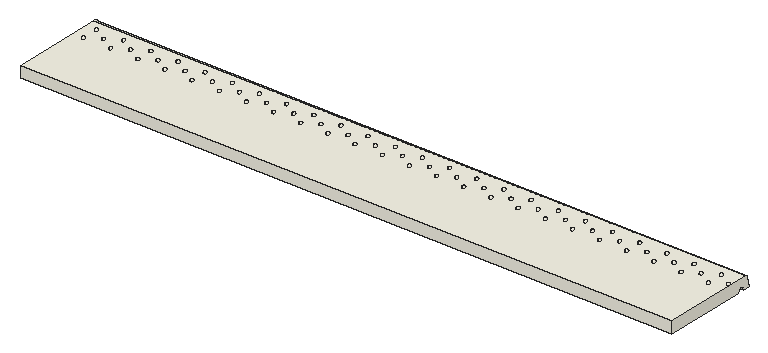
Revit family "Umbral UM. C-1", category Modelos genéricos, Revit 2020
Family settings
  Puede alojar armadura = No
  Cota de conector redondo = Diámetro de uso
  Tipo de pieza = Normal
  Se basa en plano de trabajo = No
  Siempre vertical = No
  Corte con vacíos al cargar = No
  Compartido = No
  Punto de cálculo de habitación = No
Parameters (values of type "UM15")
  Dist. entre bulones = 50 mm  # constant formula
  Nº filas bulones [instance] = Longitud real / Dist. entre bulones  # 24
  Medio ancho = Ancho total / 2  # 87.5 mm
  Descripción = "Pieza de hormigón polímero con anclaje de acero inoxidable."
  Ancho doble = Ancho / 4  # 37.5 mm
  Visible una linea = if(Ancho > 290 mm, 2 = 3, 2 = 2)  # yes
  Visible dos líneas = if(Ancho > 290 mm, 2 = 2, 2 = 3)  # no
  URL = "https://www.ulmaarchitectural.com/es-es"
  Nº filas anclajes [instance] = if(Longitud > 2600 mm, 6, if(Longitud < 660 mm, 2, Longitud / Dist. entre anclajes))  # 3
  Modelo = "Umbral UM15"
  Material = Hormigón polímero STONEO. Color C-1
  Longitud real [instance] = if(Longitud > 2600 mm, 2600 mm, if(Longitud < 500 mm, 500 mm, Longitud))  # 1200 mm
  Longitud [instance] = 1200 mm
  Fabricante = "ULMA Architectural Solutions"
  Elevación por defecto = 0 mm
  Dist. entre anclajes [instance] = if(Longitud < 650 mm, 340 mm, 440 mm)  # 440 mm
  Dist primer anclaje [instance] = if(Longitud < 700 mm, 80 mm, 150 mm)  # 150 mm
  Código de montaje = "UM15"
  Ancho total = Ancho + 25 mm  # 175 mm
  Ancho = 150 mm
Types (5, lengths in mm): name | Medio ancho | Ancho doble | Visible una linea | Visible dos líneas | Modelo | Código de montaje | Ancho total | Ancho
  (no name) | 87.5 | 37.5 | yes | no | "Umbral UM15" | "UM15" | 175 | 150
  UM15 | 87.5 | 37.5 | yes | no | "Umbral UM15" | "UM15" | 175 | 150
  UM20 | 112.5 | 50 | yes | no | "Umbral UM20" | "UM20" | 225 | 200
  UM25 | 137.5 | 62.5 | yes | no | "Umbral UM25" | "UM25" | 275 | 250
  UM30 | 162.5 | 75 | no | yes | "Umbral UM30" | "UM30" | 325 | 300
Reference planes
  plane 1 "Centro (Frontal/Posterior)": y = 0
  plane 2: z = 0
  plane 3 "Centro (Izquierda/Derecha)": x = 0
  plane 4: y = -37.5
  plane 5: y = 37.5
  plane 6: x = 20
  plane 7: x = 45
  plane 8: y = 32.5
  plane 9: y = 47.5
  plane 10: y = 62.5
  plane 11: y = 87.5
Forms (mm)
  Extrusion 1, solid, material "Hormigón polímero STONEO. Color C-1" <- "Material"
    sketch origin (0, 0, 0) x (0, 1, 0) y (0, 0, 1)
      loop
        line (-87.5, 0) -> (62.5, 0) -> (67.695, 6.234)
        arc (67.695, 6.234) -> (70, 7.314) -> (72.305, 6.234) r 3
        line (72.305, 6.234) -> (77.5, 0) -> (87.5, 0) -> (84.265, 18.347)
        arc (84.265, 18.347) -> (83.581, 19.532) -> (82.295, 20) r 2
        line (82.295, 20) -> (-87.5, 20) -> (-87.5, 0)
    from 0 to 1200
Dimensions and locks
  equal spacing: Extrusion 1 sketch curve, plane 1 "Centro (Frontal/Posterior)", Extrusion 1 sketch curve
  "Ancho total": Extrusion 1 sketch curve to Extrusion 1 sketch curve
  Extrusion 1 sketch curve to Extrusion 1 sketch curve = 10 mm
  Extrusion 1 sketch curve to Extrusion 1 sketch curve = 15 mm
  "Longitud real": Extrusion 1 to Extrusion 1
  Extrusion 1 sketch curve to Extrusion 1 sketch curve = 7.314 mm
  "Dist primer anclaje": Extrusion 1 to nested 1
  equal spacing: group 1, group 2, group 7  (x3)
  "Dist. entre anclajes": nested 1 to nested 2
  "Dist primer anclaje": plane 3 "Centro (Izquierda/Derecha)" to nested 3
  "Dist primer anclaje": plane 3 "Centro (Izquierda/Derecha)" to nested 4
  "Ancho doble": plane 1 "Centro (Frontal/Posterior)" to plane 4
  "Ancho doble": plane 1 "Centro (Frontal/Posterior)" to plane 5
  equal spacing: group 3, group 4, group 8  (x3)
  "Dist. entre anclajes": nested 4 to nested 5
  equal spacing: group 5, group 6, group 9  (x3)
  "Dist. entre anclajes": nested 3 to nested 6
  Extrusion 1 sketch curve to level = 20 mm
  plane 3 "Centro (Izquierda/Derecha)" to plane 7 = 45 mm
  plane 3 "Centro (Izquierda/Derecha)" to plane 6 = 20 mm
  "Medio ancho": plane 1 "Centro (Frontal/Posterior)" to plane 11
  plane 8 to plane 9 to plane 10 to plane 11 = 15 mm, 15 mm, 25 mm
  equal spacing: group 10, group 11, group 12, group 13, group 14, group 15, group 16, group 17, group 18, group 19, group 20, group 21, group 22, group 23, group 24, group 25, group 26, group 27, group 28, group 29, group 30, group 31, group 32, group 33  (x3)
  "Dist. entre bulones": plane 6 to nested 14
  radius of Extrusion 1 sketch curve = 2 mm
  angle Extrusion 1 sketch curve to Extrusion 1 sketch curve = 80.00°
  aligned and locked: level to plane 2
  aligned and locked: plane 1 "Centro (Frontal/Posterior)" to nested 1
  aligned and locked: level to nested 2
  aligned and locked: level to nested 1
  aligned and locked: nested 4 to plane 4
  aligned and locked: nested 3 to plane 5
  aligned and locked: nested 5 to plane 4
  aligned and locked: nested 6 to plane 5
  aligned and locked: nested 10 to plane 8
  aligned and locked: plane 6 to nested 10
  aligned and locked: nested 11 to plane 10
  aligned and locked: plane 6 to nested 11
  aligned and locked: nested 12 to plane 9
  aligned and locked: plane 7 to nested 12
  aligned and locked: nested 14 to plane 10
  aligned and locked: nested 15 to plane 9
  aligned and locked: nested 13 to plane 8
Automatic sketch dimensions
  Extrusion 1 sketch curve to level = 0 mm  (x2)
  plane 10 to Extrusion 1 sketch curve = 5.195 mm
  Extrusion 1 sketch curve to Extrusion 1 sketch curve = 2.305 mm  (x2)
  level to Extrusion 1 sketch curve = 6.234 mm
  Extrusion 1 sketch curve to Extrusion 1 sketch curve = 0.347 mm
Nested families
  nested 1: "Anclaje imposta" at (150, 0, -2) x (0, -1, 0) z (0, 0, 1), visible <- "Visible una linea", type "Anclaje imposta", detail levels medium+fine
  nested 2: "Anclaje imposta" at (590, 0, -2) x (0, -1, 0) z (0, 0, 1), visible <- "Visible una linea", type "Anclaje imposta", detail levels medium+fine
  nested 3: "Anclaje imposta" at (150, 37.5, -2) x (0, -1, 0) z (0, 0, 1), visible <- "Visible dos líneas", type "Anclaje imposta"
  nested 4: "Anclaje imposta" at (150, -37.5, -2) x (0, -1, 0) z (0, 0, 1), visible <- "Visible dos líneas", type "Anclaje imposta"
  nested 5: "Anclaje imposta" at (590, -37.5, -2) x (0, -1, 0) z (0, 0, 1), visible <- "Visible dos líneas", type "Anclaje imposta"
  nested 6: "Anclaje imposta" at (590, 37.5, -2) x (0, -1, 0) z (0, 0, 1), visible <- "Visible dos líneas", type "Anclaje imposta"
  nested 7: "Anclaje imposta" at (1030, 0, -2) x (0, -1, 0) z (0, 0, 1), visible <- "Visible una linea", type "Anclaje imposta", detail levels medium+fine
  nested 8: "Anclaje imposta" at (1030, -37.5, -2) x (0, -1, 0) z (0, 0, 1), visible <- "Visible dos líneas", type "Anclaje imposta"
  nested 9: "Anclaje imposta" at (1030, 37.5, -2) x (0, -1, 0) z (0, 0, 1), visible <- "Visible dos líneas", type "Anclaje imposta"
  nested 10: "Taco antideslizante" at (20, 32.5, 20), type "Taco antideslizante", detail levels fine
  nested 11: "Taco antideslizante" at (20, 62.5, 20), type "Taco antideslizante", detail levels fine
  nested 12: "Taco antideslizante" at (45, 47.5, 20), type "Taco antideslizante", detail levels fine
  nested 13: "Taco antideslizante" at (70, 32.5, 20), type "Taco antideslizante", detail levels fine
  nested 14: "Taco antideslizante" at (70, 62.5, 20), type "Taco antideslizante", detail levels fine
  nested 15: "Taco antideslizante" at (95, 47.5, 20), type "Taco antideslizante", detail levels fine
  nested 16: "Taco antideslizante" at (120, 32.5, 20), type "Taco antideslizante", detail levels fine
  nested 17: "Taco antideslizante" at (120, 62.5, 20), type "Taco antideslizante", detail levels fine
  nested 18: "Taco antideslizante" at (145, 47.5, 20), type "Taco antideslizante", detail levels fine
  nested 19: "Taco antideslizante" at (170, 32.5, 20), type "Taco antideslizante", detail levels fine
  nested 20: "Taco antideslizante" at (170, 62.5, 20), type "Taco antideslizante", detail levels fine
  nested 21: "Taco antideslizante" at (195, 47.5, 20), type "Taco antideslizante", detail levels fine
  nested 22: "Taco antideslizante" at (220, 32.5, 20), type "Taco antideslizante", detail levels fine
  nested 23: "Taco antideslizante" at (220, 62.5, 20), type "Taco antideslizante", detail levels fine
  nested 24: "Taco antideslizante" at (245, 47.5, 20), type "Taco antideslizante", detail levels fine
  nested 25: "Taco antideslizante" at (270, 32.5, 20), type "Taco antideslizante", detail levels fine
  nested 26: "Taco antideslizante" at (270, 62.5, 20), type "Taco antideslizante", detail levels fine
  nested 27: "Taco antideslizante" at (295, 47.5, 20), type "Taco antideslizante", detail levels fine
  nested 28: "Taco antideslizante" at (320, 32.5, 20), type "Taco antideslizante", detail levels fine
  nested 29: "Taco antideslizante" at (320, 62.5, 20), type "Taco antideslizante", detail levels fine
  nested 30: "Taco antideslizante" at (345, 47.5, 20), type "Taco antideslizante", detail levels fine
  nested 31: "Taco antideslizante" at (370, 32.5, 20), type "Taco antideslizante", detail levels fine
  nested 32: "Taco antideslizante" at (370, 62.5, 20), type "Taco antideslizante", detail levels fine
  nested 33: "Taco antideslizante" at (395, 47.5, 20), type "Taco antideslizante", detail levels fine
  nested 34: "Taco antideslizante" at (420, 32.5, 20), type "Taco antideslizante", detail levels fine
  nested 35: "Taco antideslizante" at (420, 62.5, 20), type "Taco antideslizante", detail levels fine
  nested 36: "Taco antideslizante" at (445, 47.5, 20), type "Taco antideslizante", detail levels fine
  nested 37: "Taco antideslizante" at (470, 32.5, 20), type "Taco antideslizante", detail levels fine
  nested 38: "Taco antideslizante" at (470, 62.5, 20), type "Taco antideslizante", detail levels fine
  nested 39: "Taco antideslizante" at (495, 47.5, 20), type "Taco antideslizante", detail levels fine
  nested 40: "Taco antideslizante" at (520, 32.5, 20), type "Taco antideslizante", detail levels fine
  nested 41: "Taco antideslizante" at (520, 62.5, 20), type "Taco antideslizante", detail levels fine
  nested 42: "Taco antideslizante" at (545, 47.5, 20), type "Taco antideslizante", detail levels fine
  nested 43: "Taco antideslizante" at (570, 32.5, 20), type "Taco antideslizante", detail levels fine
  nested 44: "Taco antideslizante" at (570, 62.5, 20), type "Taco antideslizante", detail levels fine
  nested 45: "Taco antideslizante" at (595, 47.5, 20), type "Taco antideslizante", detail levels fine
  nested 46: "Taco antideslizante" at (620, 32.5, 20), type "Taco antideslizante", detail levels fine
  nested 47: "Taco antideslizante" at (620, 62.5, 20), type "Taco antideslizante", detail levels fine
  nested 48: "Taco antideslizante" at (645, 47.5, 20), type "Taco antideslizante", detail levels fine
  nested 49: "Taco antideslizante" at (670, 32.5, 20), type "Taco antideslizante", detail levels fine
  nested 50: "Taco antideslizante" at (670, 62.5, 20), type "Taco antideslizante", detail levels fine
  nested 51: "Taco antideslizante" at (695, 47.5, 20), type "Taco antideslizante", detail levels fine
  nested 52: "Taco antideslizante" at (720, 32.5, 20), type "Taco antideslizante", detail levels fine
  nested 53: "Taco antideslizante" at (720, 62.5, 20), type "Taco antideslizante", detail levels fine
  nested 54: "Taco antideslizante" at (745, 47.5, 20), type "Taco antideslizante", detail levels fine
  nested 55: "Taco antideslizante" at (770, 32.5, 20), type "Taco antideslizante", detail levels fine
  nested 56: "Taco antideslizante" at (770, 62.5, 20), type "Taco antideslizante", detail levels fine
  nested 57: "Taco antideslizante" at (795, 47.5, 20), type "Taco antideslizante", detail levels fine
  nested 58: "Taco antideslizante" at (820, 32.5, 20), type "Taco antideslizante", detail levels fine
  nested 59: "Taco antideslizante" at (820, 62.5, 20), type "Taco antideslizante", detail levels fine
  nested 60: "Taco antideslizante" at (845, 47.5, 20), type "Taco antideslizante", detail levels fine
  nested 61: "Taco antideslizante" at (870, 32.5, 20), type "Taco antideslizante", detail levels fine
  nested 62: "Taco antideslizante" at (870, 62.5, 20), type "Taco antideslizante", detail levels fine
  nested 63: "Taco antideslizante" at (895, 47.5, 20), type "Taco antideslizante", detail levels fine
  nested 64: "Taco antideslizante" at (920, 32.5, 20), type "Taco antideslizante", detail levels fine
  nested 65: "Taco antideslizante" at (920, 62.5, 20), type "Taco antideslizante", detail levels fine
  nested 66: "Taco antideslizante" at (945, 47.5, 20), type "Taco antideslizante", detail levels fine
  nested 67: "Taco antideslizante" at (970, 32.5, 20), type "Taco antideslizante", detail levels fine
  nested 68: "Taco antideslizante" at (970, 62.5, 20), type "Taco antideslizante", detail levels fine
  nested 69: "Taco antideslizante" at (995, 47.5, 20), type "Taco antideslizante", detail levels fine
  nested 70: "Taco antideslizante" at (1020, 32.5, 20), type "Taco antideslizante", detail levels fine
  nested 71: "Taco antideslizante" at (1020, 62.5, 20), type "Taco antideslizante", detail levels fine
  nested 72: "Taco antideslizante" at (1045, 47.5, 20), type "Taco antideslizante", detail levels fine
  nested 73: "Taco antideslizante" at (1070, 32.5, 20), type "Taco antideslizante", detail levels fine
  nested 74: "Taco antideslizante" at (1070, 62.5, 20), type "Taco antideslizante", detail levels fine
  nested 75: "Taco antideslizante" at (1095, 47.5, 20), type "Taco antideslizante", detail levels fine
  nested 76: "Taco antideslizante" at (1120, 32.5, 20), type "Taco antideslizante", detail levels fine
  nested 77: "Taco antideslizante" at (1120, 62.5, 20), type "Taco antideslizante", detail levels fine
  nested 78: "Taco antideslizante" at (1145, 47.5, 20), type "Taco antideslizante", detail levels fine
  nested 79: "Taco antideslizante" at (1170, 32.5, 20), type "Taco antideslizante", detail levels fine
  nested 80: "Taco antideslizante" at (1170, 62.5, 20), type "Taco antideslizante", detail levels fine
  nested 81: "Taco antideslizante" at (1195, 47.5, 20), type "Taco antideslizante", detail levels fine
Definition of nested family "Taco antideslizante"
  Parameters (values of type "Taco antideslizante")
    Material = none
    Default Elevation = 1219.2 mm
  Reference planes
    plane 1 "Centro (Frontal/Posterior)": y = 0
    plane 2: z = 0
    plane 3 "Centro (Izquierda/Derecha)": x = 0
  Forms (mm)
    Revolve 1, solid, material <- "Material"
      sketch origin (0, 0, 0) x (0, 1, 0) y (0, 0, 1)
        loop
          line (0, 0) -> (2.5, 0)
          arc (2.5, 0) -> (1.768, 1.768) -> (0, 2.5) r 2.5
          line (0, 2.5) -> (0, 0)
        axis (0, 0) -> (0, 2.5)
      angle from 0 to 360
  Dimensions and locks
    aligned and locked: level to plane 2
Definition of nested family "Anclaje imposta"
  Parameters (values of type "Anclaje inoxidable estándar")
    URL = "https://www.ulmaarchitectural.com/es-es"
    Model = "Sujeción anclaje inoxidable estándar SPE"
    Material = none
    Manufacturer = "ULMA"
    Default Elevation = 0 mm
    Assembly Code = "901250015"
  Reference planes
    plane 1 "Centro (Frontal/Posterior)": y = 0
    plane 2: z = 0
    plane 3 "Centro (Izquierda/Derecha)": x = 0
  Dimensions and locks
    equal spacing: import instance, plane 3 "Centro (Izquierda/Derecha)", import instance
    aligned and locked: level to plane 2
